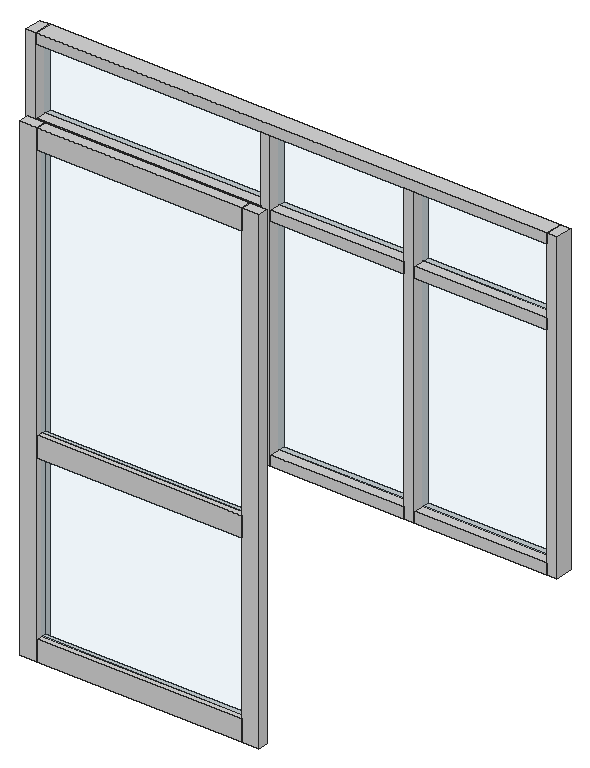
Revit family "DAL_A3-Small-sliding-door4", category Doors, host Wall, Revit 2016
Family settings
  Host = Wall
  Always vertical = Yes
  Cut with Voids When Loaded = No
  Shared = No
  Room Calculation Point = No
Parameters (values of type "TA08")
  Shop Depth = 170.5 mm
  Other = ""
  Notes = ""
  Manufacturer = "Aluminium Shopfitters"
  Height = 2465 mm
  Wall Closure = By host
  Width = 2360 mm
  Hand [instance] = ""
  Function = Interior
  Door Opening = 1000 mm
  Door Height = 2125 mm
  Description = "Purpose Made"
  Construction Type = "TA08"
  Assembly Code = ""
Reference planes
  plane 1: y = 0
  plane 2 "Center (Left/Right)": x = 4.586
  plane 3 "Left": x = -1175.414
  plane 4 "Right": x = 1184.586
  plane 5: z = 2465
  plane 6 "Exterior": y = 172.5
  plane 7 "Interior": y = -172.5
  plane 8 "Shop Cline": y = 2
  plane 9 "Horizontal 01": z = 1490
  plane 10 "Bumper Rail": z = 855
  plane 11 "Opening Right": x = -130.414
  plane 12 "Opening Left": x = -1130.414
  plane 13: z = 2125
  plane 14 "Door Panel": y = -73
  plane 15: x = 527.086
  plane 16: z = 1105
Forms (mm)
  Sweep 1, solid, material "Shopfront Frame"
    path origin (0, 2, 0) x (1, 0, 0) y (0, 0, 1)
      loop
        line (1184.586, 1105) -> (1184.586, 2465)
    profile origin (1184.586, 2, 1785) x (-1, 0, 0) y (0, -1, 0)
      loop
        line (0, -28.01) -> (45, -28.01) -> (45, 46.99) -> (0, 46.99) -> (0, -28.01)
  Sweep 2, solid, material "Shopfront Frame"
    path origin (0, 2, 0) x (1, 0, 0) y (0, 0, 1)
      loop
        line (-1175.414, 2465) -> (-1175.414, 0)
    profile origin (-1175.414, 2, 1232.5) x (0, -1, 0) y (1, 0, 0)
      loop
        line (-28.01, 0) -> (46.99, 0) -> (46.99, 45) -> (-28.01, 45) -> (-28.01, 0)
  Sweep 3, solid, material "Shopfront Frame"
    path origin (0, 2, 0) x (1, 0, 0) y (0, 0, 1)
      loop
        line (1139.586, 2465) -> (-1130.414, 2465)
    profile origin (4.586, 2, 2465) x (0, 0, -1) y (0, -1, 0)
      loop
        line (0, -28.01) -> (45, -28.01) -> (45, 46.99) -> (0, 46.99) -> (0, -28.01)
  Sweep 4, solid, material "Shopfront Frame"
    path origin (0, 2, 0) x (1, 0, 0) y (0, 0, 1)
      loop
        line (-130.414, 2420) -> (-130.414, 1105)
    profile origin (-130.414, 2, 1762.5) x (0, -1, 0) y (1, 0, 0)
      loop
        line (-28.01, 0) -> (46.99, 0) -> (46.99, 40.414) -> (-28.01, 40.414) -> (-28.01, 0)
  Sweep 5, solid, material "Shopfront Frame"
    path origin (0, 2, 0) x (1, 0, 0) y (0, 0, 1)
      loop
        line (-130.414, 2125) -> (-1130.414, 2125)
    profile origin (-630.414, 2, 2125) x (0, 0, -1) y (0, -1, 0)
      loop
        line (0, -28.01) -> (45, -28.01) -> (45, 46.99) -> (0, 46.99) -> (0, -28.01)
  Sweep 6, solid, material "Shopfront Frame"
    path origin (0, 2, 0) x (1, 0, 0) y (0, 0, 1)
      loop
        line (504.586, 2125) -> (-90, 2125)
    profile origin (207.293, 2, 2125) x (0, 0, -1) y (0, -1, 0)
      loop
        line (0, -28.01) -> (45, -28.01) -> (45, 46.99) -> (0, 46.99) -> (0, -28.01)
  Extrusion 7, solid, material "Glass"
    sketch origin (890, 2, 605.963) x (1, 0, 0) y (0, 0, 1)
      loop
        line (249.586, 544.037) -> (249.586, 1474.037) -> (-340.414, 1474.037) -> (-340.414, 544.037) -> (249.586, 544.037)
    from -2 to 4
  Extrusion 8, solid, material "Glass"
    sketch origin (890, 2, 1571.102) x (1, 0, 0) y (0, 0, 1)
      loop
        line (249.586, 553.898) -> (249.586, 848.898) -> (-340.414, 848.898) -> (-340.414, 553.898) -> (249.586, 553.898)
    from -2 to 2
  Extrusion 9, solid, material "Glass"
    sketch origin (-530, 2, 1571.102) x (1, 0, 0) y (0, 0, 1)
      loop
        line (399.586, 553.898) -> (399.586, 848.898) -> (-600.414, 848.898) -> (-600.414, 553.898) -> (399.586, 553.898)
    from -2 to 2
  Sweep 10, solid, material "Shopfront Frame", detail levels medium+fine
    path origin (0, -73, 0) x (-1, 0, 0) y (0, 0, 1)
      loop
        line (1130.414, 0) -> (1130.414, 2125)
    profile origin (-1130.414, -73, 1062.5) x (1, 0, 0) y (0, 1, 0)
      loop
        line (-30, 22.5) -> (-30, -22.5) -> (45, -22.5) -> (45, 22.5) -> (-30, 22.5)
  Sweep 11, solid, material "Shopfront Frame", detail levels medium+fine
    path origin (0, -73, 0) x (-1, 0, 0) y (0, 0, 1)
      loop
        line (130.414, 0) -> (130.414, 2125)
    profile origin (-130.414, -73, 1062.5) x (1, 0, 0) y (0, 1, 0)
      loop
        line (-45, 22.5) -> (-45, -22.5) -> (30, -22.5) -> (30, 22.5) -> (-45, 22.5)
  Sweep 12, solid, material "Shopfront Frame", detail levels medium+fine
    path origin (0, -73, 0) x (-1, 0, 0) y (0, 0, 1)
      loop
        line (175.414, 2125) -> (1085.414, 2125)
    profile origin (-630.414, -73, 2125) x (0, 0, 1) y (0, 1, 0)
      loop
        line (0, 22.5) -> (-90, 22.5) -> (-90, -22.5) -> (0, -22.5) -> (0, 22.5)
  Sweep 13, solid, material "Shopfront Frame", detail levels medium+fine
    path origin (0, -73, 0) x (-1, 0, 0) y (0, 0, 1)
      loop
        line (175.414, 855) -> (1085.414, 855)
    profile origin (-630.414, -73, 855) x (0, 0, 1) y (0, 1, 0)
      loop
        line (45, 22.5) -> (-45, 22.5) -> (-45, -22.5) -> (45, -22.5) -> (45, 22.5)
  Sweep 14, solid, material "Shopfront Frame", detail levels medium+fine
    path origin (0, -73, 0) x (-1, 0, 0) y (0, 0, 1)
      loop
        line (175.414, 0) -> (1085.414, 0)
    profile origin (-630.414, -73, 0) x (0, 0, 1) y (0, 1, 0)
      loop
        line (90, 22.5) -> (0, 22.5) -> (0, -22.5) -> (90, -22.5) -> (90, 22.5)
  Extrusion 15, solid, material "Glass", detail levels medium+fine
    sketch origin (0, -73, 0) x (-1, 0, 0) y (0, 0, 1)
      loop
        line (175.414, 810) -> (175.414, 90) -> (1085.414, 90) -> (1085.414, 810) -> (175.414, 810)
    from -2 to 2
  Extrusion 16, solid, material "Glass", detail levels medium+fine
    sketch origin (0, -73, 0) x (-1, 0, 0) y (0, 0, 1)
      loop
        line (175.414, 2035) -> (175.414, 900) -> (1085.414, 900) -> (1085.414, 2035) -> (175.414, 2035)
    from -2 to 2
  Sweep 17, solid, material "Shopfront Frame"
    path origin (0, 2, 0) x (1, 0, 0) y (0, 0, 1)
      loop
        line (527.086, 2420) -> (527.086, 1105)
    profile origin (527.086, 2, 1762.5) x (0, -1, 0) y (1, 0, 0)
      loop
        line (-28.01, -22.5) -> (46.99, -22.5) -> (46.99, 22.5) -> (-28.01, 22.5) -> (-28.01, -22.5)
  Sweep 18, solid, material "Shopfront Frame"
    path origin (0, 2, 0) x (1, 0, 0) y (0, 0, 1)
      loop
        line (1139.586, 2125) -> (549.586, 2125)
    profile origin (844.586, 2, 2125) x (0, 0, -1) y (0, -1, 0)
      loop
        line (45, -28.01) -> (45, 46.99) -> (0, 46.99) -> (0, -28.01) -> (45, -28.01)
  Extrusion 19, solid, material "Glass"
    sketch origin (-350, 2, 605.963) x (1, 0, 0) y (0, 0, 1)
      loop
        line (854.586, 544.037) -> (854.586, 1474.037) -> (260, 1474.037) -> (260, 544.037) -> (854.586, 544.037)
    from -2 to 4
  Extrusion 20, solid, material "Glass"
    sketch origin (-330, 2, 1571.102) x (1, 0, 0) y (0, 0, 1)
      loop
        line (834.586, 553.898) -> (834.586, 848.898) -> (240, 848.898) -> (240, 553.898) -> (834.586, 553.898)
    from -2 to 2
  Sweep 21, solid, material "Shopfront Frame"
    path origin (0, 2, -975) x (1, 0, 0) y (0, 0, 1)
      loop
        line (504.586, 2125) -> (-90, 2125)
    profile origin (207.293, 2, 1150) x (0, 0, -1) y (0, -1, 0)
      loop
        line (0, -28.01) -> (45, -28.01) -> (45, 46.99) -> (0, 46.99) -> (0, -28.01)
  Sweep 22, solid, material "Shopfront Frame"
    path origin (0, 2, -975) x (1, 0, 0) y (0, 0, 1)
      loop
        line (1139.586, 2125) -> (549.586, 2125)
    profile origin (844.586, 2, 1150) x (0, 0, -1) y (0, -1, 0)
      loop
        line (45, -28.01) -> (45, 46.99) -> (0, 46.99) -> (0, -28.01) -> (45, -28.01)
Lines and regions (mm)
  Opening 1
    outline origin (-3050, -172.5, 0) x (1, 0, 0) y (0, 0, 1)
      loop
        line (1874.586, 0) -> (4234.586, 0) -> (4234.586, 2465) -> (1874.586, 2465) -> (1874.586, 0)
  symbolic lines, style "Overhead"
    curve 1: line (-1175.414, 172.5, 0) -> (1184.586, 172.5, 0)
    curve 2: line (-1175.414, -172.5, 0) -> (1184.586, -172.5, 0)
    curve 17: line (-130.414, 25.01, 0) -> (-1130.414, 25.01, 0)
    curve 18: line (-130.414, -19.99, 0) -> (-1130.414, -19.99, 0)
  symbolic lines, style "Elevation Swing"
    curve 3: line (-130.414, 0, 2080) -> (-1130.414, 0, 0)
    curve 4: line (-1130.414, 0, 2080) -> (-130.414, 0, 0)
  symbolic lines, style "Doors"
    curve 5: line (-500.414, -50.5, 0) -> (-425.414, -50.5, 0)
    curve 6: line (-500.414, -95.5, 0) -> (-500.414, -50.5, 0)
    curve 7: line (-425.414, -95.5, 0) -> (-500.414, -95.5, 0)
    curve 8: line (-425.414, -50.5, 0) -> (-425.414, -95.5, 0)
    curve 9: line (484.586, -50.5, 0) -> (559.586, -50.5, 0)
    curve 10: line (484.586, -95.5, 0) -> (484.586, -50.5, 0)
    curve 11: line (559.586, -95.5, 0) -> (484.586, -95.5, 0)
    curve 12: line (559.586, -50.5, 0) -> (559.586, -95.5, 0)
    curve 13: line (-425.414, -50.5, 0) -> (484.586, -50.5, 0)
    curve 14: line (484.586, -95.5, 0) -> (-425.414, -95.5, 0)
    curve 15: line (-425.414, -71, 0) -> (484.586, -71, 0)
    curve 16: line (-425.414, -75, 0) -> (484.586, -75, 0)
  symbolic lines, style "Doors", not visible
    curve 19: line (-662.914, 5, 0) -> (-587.914, 5, 0)
    curve 20: line (-662.914, -40, 0) -> (-662.914, 5, 0)
    curve 21: line (-587.914, -40, 0) -> (-662.914, -40, 0)
    curve 22: line (-587.914, 5, 0) -> (-587.914, -40, 0)
    curve 23: line (322.086, 5, 0) -> (397.086, 5, 0)
    curve 24: line (322.086, -40, 0) -> (322.086, 5, 0)
    curve 25: line (397.086, -40, 0) -> (322.086, -40, 0)
    curve 26: line (397.086, 5, 0) -> (397.086, -40, 0)
    curve 27: line (-587.914, 5, 0) -> (322.086, 5, 0)
    curve 28: line (322.086, -40, 0) -> (-587.914, -40, 0)
    curve 29: line (-587.914, -15.5, 0) -> (322.086, -15.5, 0)
    curve 30: line (-587.914, -19.5, 0) -> (322.086, -19.5, 0)
Text (mm)
  text "Exterior" at (-2295.016, 1099.543, 0), in view "Ref. Level"
  text "Exterior" at (0, 1615.38, 3698.081), in view "Left"
  text "Exterior" at (0, 1036.032, 3874.932), in view "Right"
Dimensions and locks
  equal spacing: plane 3 "Left", plane 2 "Center (Left/Right)", plane 4 "Right"
  "Width": plane 3 "Left" to plane 4 "Right"
  "Height": plane 5 to host wall
  host wall to host wall = 2707.935 mm  (x2)
  plane 6 "Exterior" to host wall = 0 mm
  plane 7 "Interior" to host wall = 0 mm
  "Shop Depth": plane 8 "Shop Cline" to plane 6 "Exterior"
  "Door Opening": plane 12 "Opening Left" to plane 11 "Opening Right"
  locked: plane 3 "Left" to plane 12 "Opening Left" at 45
  Sweep 6 to Sweep 6 to Sweep 3 to Sweep 3 = 45 mm, 295 mm, 45 mm
  "Door Height": level to plane 13
  locked: plane 8 "Shop Cline" to plane 14 "Door Panel" at 75
  locked: curve 13 to plane 8 "Shop Cline" at 52.5
  locked: curve 6 to plane 11 "Opening Right" at 370
  plane 11 "Opening Right" to plane 15 = 657.5 mm
  plane 3 "Left" to Sweep 4 = 1085.414 mm
  level to plane 16 = 1105 mm
  Sweep 2 to plane 4 "Right" = 2360 mm
  aligned and locked: plane 3 "Left" to Opening 1 sketch curve
  aligned and locked: plane 5 to Opening 1 sketch curve  (x2)
  aligned and locked: Opening 1 sketch curve to plane 4 "Right"
  aligned and locked: Opening 1 sketch curve to level
  aligned and locked: plane 1 to host wall
  aligned and locked: Sweep 1 sketch curve to host wall  (x2)
  aligned and locked: host wall to Sweep 2 sketch curve
  aligned and locked: Sweep 2 sketch curve to host wall
  aligned and locked: host wall to curve 1
  aligned and locked: curve 1 to host wall
  aligned and locked: curve 2 to host wall
  aligned and locked: host wall to curve 2
  aligned and locked: Sweep 3 sketch curve to Sweep 2
  aligned and locked: Sweep 3 to Sweep 4 sketch curve
  aligned and locked: Sweep 4 sketch curve to plane 11 "Opening Right"
  aligned and locked: Sweep 2 to curve 3
  aligned and locked: curve 4 to Sweep 4
  aligned and locked: plane 11 "Opening Right" to Sweep 5 sketch curve
  aligned and locked: Sweep 5 sketch curve to plane 13
  aligned and locked: Sweep 5 to curve 3
  aligned and locked: curve 4 to Sweep 5
  aligned and locked: Extrusion 7 to Sweep 1
  aligned and locked: Extrusion 8 to Sweep 3
  aligned and locked: plane 13 to Extrusion 8
  aligned and locked: Extrusion 8 to Sweep 1
  aligned and locked: plane 11 "Opening Right" to Extrusion 9
  aligned and locked: Extrusion 9 to Sweep 2
  aligned and locked: plane 13 to Extrusion 9
  aligned and locked: Extrusion 9 to Sweep 3
  aligned and locked: curve 3 to Sweep 10 sketch curve
  aligned and locked: Sweep 10 sketch curve to Sweep 2
  aligned and locked: curve 4 to Sweep 11 sketch curve
  aligned and locked: Sweep 11 sketch curve to Sweep 4
  aligned and locked: Sweep 12 sketch curve to Sweep 11
  aligned and locked: Sweep 11 to Sweep 12 sketch curve
  aligned and locked: Sweep 13 sketch curve to Sweep 11
  aligned and locked: plane 10 "Bumper Rail" to Sweep 13 sketch curve
  aligned and locked: Sweep 11 to Sweep 14 sketch curve
  aligned and locked: Sweep 14 sketch curve to Sweep 11
  aligned and locked: Extrusion 15 sketch curve to Sweep 13  (x2)
  aligned and locked: Sweep 13 to Extrusion 15 sketch curve
  aligned and locked: Extrusion 15 sketch curve to Sweep 14
  aligned and locked: Sweep 14 to Extrusion 15 sketch curve
  aligned and locked: Extrusion 16 sketch curve to Sweep 13
  aligned and locked: Sweep 13 to Extrusion 16 sketch curve
  aligned and locked: plane 11 "Opening Right" to curve 17
  aligned and locked: Sweep 4 to curve 18
  aligned and locked: Sweep 2 to curve 17
  aligned and locked: Sweep 2 to curve 18
  aligned and locked: Extrusion 8 to Sweep 18 sketch curve
  aligned and locked: Sweep 18 sketch curve to Extrusion 8
  aligned and locked: Sweep 5 to Extrusion 7
  aligned and locked: Sweep 5 to Extrusion 19
  aligned and locked: plane 15 to Sweep 17 sketch curve
  aligned and locked: Extrusion 7 to Sweep 21
  aligned and locked: Extrusion 7 to Extrusion 19
Automatic sketch dimensions
  curve 6 to curve 7 = 75 mm
  curve 7 to curve 11 = 910 mm
  curve 9 to curve 12 = 75 mm
  curve 7 to curve 16 = 20.5 mm
  curve 16 to curve 15 = 4 mm
  curve 15 to curve 9 = 20.5 mm
  curve 20 to curve 21 = 75 mm
  curve 21 to curve 25 = 910 mm
  curve 23 to curve 26 = 75 mm
  curve 21 to curve 30 = 20.5 mm
  curve 30 to curve 29 = 4 mm
  curve 29 to curve 23 = 20.5 mm
  curve 2 to host wall = 0 mm
  curve 1 to host wall = 0 mm
  curve 4 to level = 0 mm
  curve 3 to level = 0 mm
  curve 4 to plane 12 "Opening Left" = 0 mm
  curve 3 to plane 11 "Opening Right" = 0 mm
  Sweep 1 sketch curve to plane 16 = 0 mm
  Sweep 1 sketch curve to profile plane = 0 mm
  Sweep 1 sketch curve to profile plane = 45 mm
  Sweep 1 sketch curve to plane 8 "Shop Cline" = 28.01 mm
  plane 8 "Shop Cline" to Sweep 1 sketch curve = 46.99 mm
  Sweep 2 sketch curve to level = 0 mm
  Sweep 2 sketch curve to profile plane = 0 mm
  Sweep 2 sketch curve to plane 8 "Shop Cline" = 28.01 mm
  plane 8 "Shop Cline" to Sweep 2 sketch curve = 46.99 mm
  Sweep 2 sketch curve to Sweep 2 sketch curve = 45 mm
  Sweep 3 sketch curve to plane 12 "Opening Left" = 0 mm
  plane 4 "Right" to Sweep 3 sketch curve = 45 mm
  Sweep 3 sketch curve to profile plane = 0 mm
  Sweep 3 sketch curve to profile plane = 45 mm
  Sweep 3 sketch curve to plane 8 "Shop Cline" = 28.01 mm
  plane 8 "Shop Cline" to Sweep 3 sketch curve = 46.99 mm
  Sweep 4 sketch curve to plane 16 = 0 mm
  Sweep 4 sketch curve to profile plane = 0 mm
  Sweep 4 sketch curve to plane 8 "Shop Cline" = 28.01 mm
  plane 8 "Shop Cline" to Sweep 4 sketch curve = 46.99 mm
  Sweep 4 sketch curve to Sweep 4 sketch curve = 40.414 mm
  Sweep 5 sketch curve to plane 12 "Opening Left" = 0 mm
  Sweep 5 sketch curve to profile plane = 0 mm
  Sweep 5 sketch curve to profile plane = 45 mm
  Sweep 5 sketch curve to plane 8 "Shop Cline" = 28.01 mm
  plane 8 "Shop Cline" to Sweep 5 sketch curve = 46.99 mm
  Extrusion 9 sketch curve to plane 12 "Opening Left" = 0 mm
  Extrusion 9 sketch curve to plane 11 "Opening Right" = 0 mm
  Extrusion 9 sketch curve to plane 13 = 0 mm
  plane 5 to Extrusion 9 sketch curve = 45 mm
  Sweep 10 sketch curve to plane 13 = 0 mm
  profile plane to Sweep 10 sketch curve = 30 mm
  Sweep 10 sketch curve to plane 14 "Door Panel" = 22.5 mm
  Sweep 10 sketch curve to profile plane = 45 mm
  plane 14 "Door Panel" to Sweep 10 sketch curve = 22.5 mm
  Sweep 11 sketch curve to plane 13 = 0 mm
  Sweep 11 sketch curve to plane 14 "Door Panel" = 22.5 mm
  profile plane to Sweep 11 sketch curve = 45 mm
  Sweep 11 sketch curve to profile plane = 30 mm
  plane 14 "Door Panel" to Sweep 11 sketch curve = 22.5 mm
  Sweep 12 sketch curve to plane 12 "Opening Left" = 45 mm
  Sweep 12 sketch curve to profile plane = 0 mm
  Sweep 12 sketch curve to plane 14 "Door Panel" = 22.5 mm
  profile plane to Sweep 12 sketch curve = 90 mm
  plane 14 "Door Panel" to Sweep 12 sketch curve = 22.5 mm
  Sweep 13 sketch curve to plane 12 "Opening Left" = 45 mm
  plane 14 "Door Panel" to Sweep 13 sketch curve = 22.5 mm
  profile plane to Sweep 13 sketch curve = 45 mm
  Sweep 13 sketch curve to profile plane = 45 mm
  Sweep 13 sketch curve to plane 14 "Door Panel" = 22.5 mm
  Sweep 14 sketch curve to plane 12 "Opening Left" = 45 mm
  Sweep 14 sketch curve to profile plane = 0 mm
  plane 14 "Door Panel" to Sweep 14 sketch curve = 22.5 mm
  Sweep 14 sketch curve to Sweep 14 sketch curve = 90 mm
  Sweep 14 sketch curve to plane 14 "Door Panel" = 22.5 mm
  Extrusion 16 sketch curve to plane 12 "Opening Left" = 45 mm
  plane 13 to Extrusion 16 sketch curve = 90 mm
  plane 8 "Shop Cline" to curve 18 = 21.99 mm
  curve 17 to plane 8 "Shop Cline" = 23.01 mm
  Sweep 6 sketch curve to plane 13 = 0 mm
  plane 11 "Opening Right" to Sweep 6 sketch curve = 40.414 mm
  plane 15 to Sweep 6 sketch curve = 22.5 mm
  Sweep 6 sketch curve to profile plane = 0 mm
  Sweep 6 sketch curve to profile plane = 45 mm
  Sweep 6 sketch curve to plane 8 "Shop Cline" = 28.01 mm
  plane 8 "Shop Cline" to Sweep 6 sketch curve = 46.99 mm
  Extrusion 7 sketch curve to plane 15 = 22.5 mm
  plane 4 "Right" to Extrusion 7 sketch curve = 45 mm
  plane 16 to Extrusion 7 sketch curve = 45 mm
  plane 13 to Extrusion 7 sketch curve = 45 mm
  Extrusion 8 sketch curve to plane 13 = 0 mm
  Extrusion 8 sketch curve to plane 15 = 22.5 mm
  plane 4 "Right" to Extrusion 8 sketch curve = 45 mm
  plane 5 to Extrusion 8 sketch curve = 45 mm
  Sweep 17 sketch curve to plane 16 = 0 mm
  plane 5 to Sweep 17 sketch curve = 45 mm
  Sweep 17 sketch curve to plane 8 "Shop Cline" = 28.01 mm
  profile plane to Sweep 17 sketch curve = 22.5 mm
  plane 8 "Shop Cline" to Sweep 17 sketch curve = 46.99 mm
  Sweep 17 sketch curve to profile plane = 22.5 mm
  Sweep 18 sketch curve to plane 15 = 22.5 mm
  Sweep 18 sketch curve to profile plane = 0 mm
  Sweep 18 sketch curve to profile plane = 45 mm
  Sweep 18 sketch curve to plane 8 "Shop Cline" = 28.01 mm
  plane 8 "Shop Cline" to Sweep 18 sketch curve = 46.99 mm
  plane 11 "Opening Right" to Extrusion 19 sketch curve = 40.414 mm
  plane 15 to Extrusion 19 sketch curve = 22.5 mm
  plane 16 to Extrusion 19 sketch curve = 45 mm
  plane 13 to Extrusion 19 sketch curve = 45 mm
  Extrusion 20 sketch curve to plane 13 = 0 mm
  plane 11 "Opening Right" to Extrusion 20 sketch curve = 40.414 mm
  plane 15 to Extrusion 20 sketch curve = 22.5 mm
  plane 5 to Extrusion 20 sketch curve = 45 mm
  plane 11 "Opening Right" to Sweep 21 sketch curve = 40.414 mm
  plane 15 to Sweep 21 sketch curve = 22.5 mm
  plane 16 to Sweep 21 sketch curve = 45 mm
  Sweep 21 sketch curve to profile plane = 0 mm
  Sweep 21 sketch curve to profile plane = 45 mm
  Sweep 21 sketch curve to plane 8 "Shop Cline" = 28.01 mm
  plane 8 "Shop Cline" to Sweep 21 sketch curve = 46.99 mm
  Sweep 22 sketch curve to plane 15 = 22.5 mm
  plane 4 "Right" to Sweep 22 sketch curve = 45 mm
  plane 16 to Sweep 22 sketch curve = 45 mm
  Sweep 22 sketch curve to profile plane = 0 mm
  Sweep 22 sketch curve to profile plane = 45 mm
  Sweep 22 sketch curve to plane 8 "Shop Cline" = 28.01 mm
  plane 8 "Shop Cline" to Sweep 22 sketch curve = 46.99 mm
